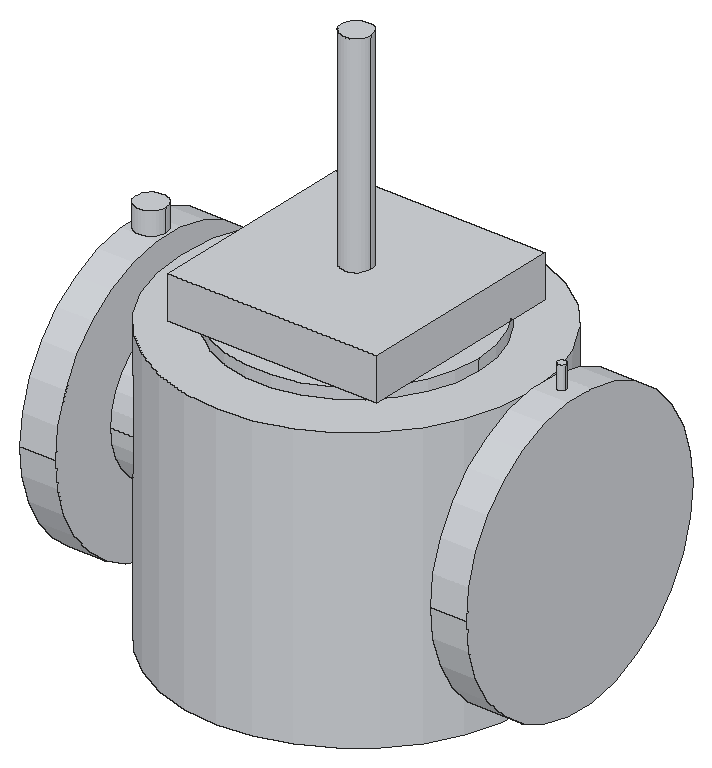
Revit family "OPTIMA_Compact_FLANGE_PN25_DN200-HF_RFA_2019", category Pipe Accessories, Revit 2019
Family settings
  Round Connector Dimension = Use Diameter
  Part Type = Valve - Breaks Into
  Work Plane-Based = No
  Always vertical = Yes
  Cut with Voids When Loaded = No
  Shared = No
Parameters (values of type "Optima Compact Flange PN25 DN200 HF")
  magiProductId = ""
  magiProductFamilyId = ""
  magiPartTypeId = 304
  isMeasuringValve [instance] = no
  ang2D [instance] = 0.00°
  W2D = 100 mm
  VersionID = "2.0/2018.8.28.1/FRESE_OPTIMA_FLANGE_Q13_002"
  Use Minimum Symbol Size [instance] = yes
  URL = "www.hydronic.cz"
  Type Comments = "Přírubový; PN25; 0~110°C, s měřením"
  R4 = 164.5 mm
  R3 = 98.8 mm
  R1 = 235 mm
  QmdConnectorList = "301;D;302;D"
  Productdata [instance] = ""
  Manufacturer = "Hydronic Systems Prague s.r.o."
  MC Product Code = "53-1236 (DN200 HF; 43mm; pohon min 1500N; Qmin-dpmin 130000l/h-31.0kPa; Qmax-dpmin 280000l/h-78.0kPa; dpmax 800kPa)"
  MC Piping Given Pressure Drop [instance] = 0.0 Pa
  LF__ve = -LF  # -48 mm
  LF2 = 24 mm
  LF = 48 mm
  L4 = 282 mm
  L3 = 504 mm
  L2D_Min = 3048 mm
  L2D = 350 mm
  L2 = 300 mm
  H6 = 281 mm
  H4 = 57 mm
  H3 = 15 mm
  H2 = 209 mm
  H1 = 380 mm
  Description = "Tlakově nezávislý 2-cestný regulační vyvažovací ventil (PICV)"
  DF2 = 190 mm
  D = 200 mm
  CAT0 = yes
Types (14, lengths in mm): name | magiProductId | magiProductFamilyId | W2D | Type Comments | R4 | R3 | R1 | MC Product Code | LF__ve | LF2 | LF | L4 | L3 | L2D | L2 | H6 | H4 | H3 | H2 | H1 | DF2 | D
  Optima Compact Flange PN25 DN050 LF | "Frese Optima Flange DN050 LF" | "Frese Optima Flange *" | 50 | "Přírubový; PN25; 0~120°C, s měřením" | 40.3 | 42.9 | 57.5 | "53-1220 (DN50 LF; 20mm; pohon min 1000N; Qmin-dpmin 2500l/h-6.5kPa; Qmax-dpmin 15000l/h-20.0kPa; dpmax 800kPa)" | -18.4 | 9.2 | 18.4 | 108.1 | 193.2 | 230 | 115 | 157.3 | 24.8 | 20.6 | 61.9 | 123.8 | 82.5 | 50
  Optima Compact Flange PN25 DN050 HF | "Frese Optima Flange DN050 HF" | "Frese Optima Flange *" | 50 | "Přírubový; PN25; 0~120°C, s měřením" | 40.25 | 42.9 | 57.5 | "53-1230 (DN50 HF; 20mm; pohon min 1000N; Qmin-dpmin 3900l/h-19.0kPa; Qmax-dpmin 24000l/h-50.0kPa; dpmax 800kPa)" | -18.4 | 9.2 | 18.4 | 108.1 | 193.2 | 230 | 115 | 157.25 | 24.75 | 20.625 | 61.875 | 123.75 | 82.5 | 50
  Optima Compact Flange PN25 DN065 LF | "Frese Optima Flange DN065 LF" | "Frese Optima Flange *" | 50 | "Přírubový; PN25; 0~120°C, s měřením" | 50.75 | 48.1 | 72.5 | "53-1221 (DN65 LF; 20mm; pohon min 1000N; Qmin-dpmin 4400l/h-15.0kPa; Qmax-dpmin 25000l/h-25.0kPa; dpmax 800kPa)" | -23.2 | 11.6 | 23.2 | 136.3 | 243.6 | 230 | 145 | 171.25 | 27.75 | 23.125 | 69.375 | 138.75 | 92.5 | 65
  Optima Compact Flange PN25 DN065 HF | "Frese Optima Flange DN065 HF" | "Frese Optima Flange *" | 50 | "Přírubový; PN25; 0~120°C, s měřením" | 50.75 | 48.1 | 72.5 | "53-1231 (DN65 HF; 20mm; pohon min 1000N; Qmin-dpmin 6000l/h-30.0kPa; Qmax-dpmin 35000l/h-55.0kPa; dpmax 800kPa)" | -23.2 | 11.6 | 23.2 | 136.3 | 243.6 | 230 | 145 | 171.25 | 27.75 | 23.125 | 69.375 | 138.75 | 92.5 | 65
  Optima Compact Flange PN25 DN080 LF | "Frese Optima Flange DN080 LF" | "Frese Optima Flange *" | 50 | "Přírubový; PN25; 0~120°C, s měřením" | 54.25 | 52 | 77.5 | "53-1222 (DN80 LF; 20mm; pohon min 1000N; Qmin-dpmin 5300l/h-16.0kPa; Qmax-dpmin 34000l/h-25.0kPa; dpmax 800kPa)" | -24.8 | 12.4 | 24.8 | 145.7 | 260.4 | 230 | 155 | 183 | 30 | 25 | 75 | 150 | 100 | 80
  Optima Compact Flange PN25 DN080 HF | "Frese Optima Flange DN080 HF" | "Frese Optima Flange *" | 50 | "Přírubový; PN25; 0~120°C, s měřením" | 54.25 | 52 | 77.5 | "53-1232 (DN80 HF; 20mm; pohon min 1000N; Qmin-dpmin 7000l/h-23.0kPa; Qmax-dpmin 43000l/h-50.0kPa; dpmax 800kPa)" | -24.8 | 12.4 | 24.8 | 145.7 | 260.4 | 230 | 155 | 183 | 30 | 25 | 75 | 150 | 100 | 80
  Optima Compact Flange PN25 DN100 LF | "Frese Optima Flange DN100 LF" | "Frese Optima Flange *" | 50 | "Přírubový; PN25; 0~120°C, s měřením" | 61.25 | 61.1 | 87.5 | "53-1223 (DN100 LF; 40mm; pohon min 1000N; Qmin-dpmin 12100l/h-20.0kPa; Qmax-dpmin 68000l/h-35.0kPa; dpmax 800kPa)" | -28 | 14 | 28 | 164.5 | 294 | 230 | 175 | 268.75 | 35.25 | 29.375 | 88.125 | 176.25 | 117.5 | 100
  Optima Compact Flange PN25 DN100 HF | "Frese Optima Flange DN100 HF" | "Frese Optima Flange *" | 50 | "Přírubový; PN25; 0~120°C, s měřením" | 61.25 | 61.1 | 87.5 | "53-1233 (DN100 HF; 40mm; pohon min 1000N; Qmin-dpmin 14800l/h-30.0kPa; Qmax-dpmin 90000l/h-75.0kPa; dpmax 800kPa)" | -28 | 14 | 28 | 164.5 | 294 | 230 | 175 | 268.75 | 35.25 | 29.375 | 88.125 | 176.25 | 117.5 | 100
  Optima Compact Flange PN25 DN125 LF | "Frese Optima Flange DN125 LF" | "Frese Optima Flange *" | 50 | "Přírubový; PN25; 0~120°C, s měřením" | 70 | 70.2 | 100 | "53-1224 (DN125 LF; 40mm; pohon min 1000N; Qmin-dpmin 18500l/h-16.0kPa; Qmax-dpmin 110000l/h-35.0kPa; dpmax 800kPa)" | -32 | 16 | 32 | 188 | 336 | 230 | 200 | 275.5 | 40.5 | 33.75 | 101.25 | 202.5 | 135 | 125
  Optima Compact Flange PN25 DN125 HF | "Frese Optima Flange DN125 HF" | "Frese Optima Flange *" | 50 | "Přírubový; PN25; 0~120°C, s měřením" | 70 | 70.2 | 100 | "53-1234 (DN125 HF; 40mm; pohon min 1000N; Qmin-dpmin 23000l/h-27.0kPa; Qmax-dpmin 135000l/h-53.0kPa; dpmax 800kPa)" | -32 | 16 | 32 | 188 | 336 | 230 | 200 | 275.5 | 40.5 | 33.75 | 101.25 | 202.5 | 135 | 125
  Optima Compact Flange PN25 DN150 LF | "Frese Optima Flange DN150 LF" | "Frese Optima Flange *" | 50 | "Přírubový; PN25; 0~110°C, s měřením" | 84 | 74.1 | 120 | "53-1225 (DN150 LF; 43mm; pohon min 1500N; Qmin-dpmin 25600l/h-21.0kPa; Qmax-dpmin 148000l/h-35.0kPa; dpmax 800kPa)" | -38.4 | 19.2 | 38.4 | 225.6 | 403.2 | 230 | 240 | 279.25 | 42.75 | 35.625 | 106.875 | 213.75 | 142.5 | 150
  Optima Compact Flange PN25 DN150 HF | "Frese Optima Flange DN150 HF" | "Frese Optima Flange *" | 50 | "Přírubový; PN25; 0~110°C, s měřením" | 84 | 74.1 | 120 | "53-1235 (DN150 HF; 43mm; pohon min 1500N; Qmin-dpmin 32000l/h-33.0kPa; Qmax-dpmin 195000l/h-65.0kPa; dpmax 800kPa)" | -38.4 | 19.2 | 38.4 | 225.6 | 403.2 | 230 | 240 | 279.25 | 42.75 | 35.625 | 106.875 | 213.75 | 142.5 | 150
  Optima Compact Flange PN25 DN200 LF | "" | "" | 100 | "Přírubový; PN25; 0~110°C, s měřením" | 164.5 | 98.8 | 235 | "53-1226 (DN200 LF; 43mm; pohon min 1500N; Qmin-dpmin 95000l/h-11.0kPa; Qmax-dpmin 210000l/h-32.0kPa; dpmax 800kPa)" | -48 | 24 | 48 | 282 | 504 | 350 | 300 | 281 | 57 | 15 | 209 | 380 | 190 | 200
  Optima Compact Flange PN25 DN200 HF | "" | "" | 100 | "Přírubový; PN25; 0~110°C, s měřením" | 164.5 | 98.8 | 235 | "53-1236 (DN200 HF; 43mm; pohon min 1500N; Qmin-dpmin 130000l/h-31.0kPa; Qmax-dpmin 280000l/h-78.0kPa; dpmax 800kPa)" | -48 | 24 | 48 | 282 | 504 | 350 | 300 | 281 | 57 | 15 | 209 | 380 | 190 | 200
Reference planes
  plane 1 "Center (Front/Back)": y = 0
  plane 2 "XYPLANE": z = 0
  plane 3 "Center (Left/Right)": x = 0
  plane 4 "157": x = 276
  plane 5 "156": x = -276
  plane 6 "155": z = 190
  plane 7 "154": z = 243
  plane 8 "153": z = 186
  plane 9 "152": z = 171
  plane 10 "151": x = -252
  plane 11 "150": z = -209
  plane 12 "149": x = 0
  plane 13 "148": y = 0
  plane 14 "147": z = 0
  plane 15 "146": x = -300
  plane 16 "145": x = 300
Forms (mm)
  Extrusion 1, solid, visible <- "CAT0"
    sketch origin (-750, 0, 190) x (1, 0, 0) y (0, 1, 0)
      loop
        circle (1026, 0) r 5.5
    from 0 to 30
  Extrusion 2, solid, visible <- "CAT0"
    sketch origin (-750, 0, 190) x (1, 0, 0) y (0, 1, 0)
      loop
        circle (474, 0) r 20.3
    from 0 to 30
  Extrusion 3, solid, visible <- "CAT0"
    sketch origin (-750, 0, 243) x (1, 0, 0) y (0, 1, 0)
      loop
        circle (750, 0) r 20
    from 0 to 281 <- "H6"
  Extrusion 4, solid, visible <- "CAT0"
    sketch origin (-750, 0, 186) x (1, 0, 0) y (0, 1, 0)
      loop
        line (891, 141) -> (609, 141) -> (609, -141) -> (891, -141) -> (891, 141)
    from 0 to 57 <- "H4"
  Extrusion 5, solid, visible <- "CAT0"
    sketch origin (-750, 0, 171) x (1, 0, 0) y (0, 1, 0)
      loop
        circle (750, 0) r 164.5
    from 0 to 15 <- "H3"
  Extrusion 6, solid, visible <- "CAT0"
    sketch origin (-252, -750, 0) x (0, 1, 0) y (0, 0, 1)
      loop
        circle (750, 0) r 98.8
    from 0 to 504 <- "L3"
  Extrusion 7, solid, visible <- "CAT0"
    sketch origin (-750, 0, -209) x (1, 0, 0) y (0, 1, 0)
      loop
        circle (750, 0) r 235
    from 0 to 380 <- "H1"
  Extrusion 8, solid, visible <- "CAT0"
    sketch origin (-300, -750, 0) x (0, 1, 0) y (0, 0, 1)
      loop
        circle (750, 0) r 190
    from 0 to 48 <- "LF"
  Extrusion 9, solid, visible <- "CAT0"
    sketch origin (300, -750, 0) x (0, 1, 0) y (0, 0, 1)
      loop
        circle (750, 0) r 190
    from 0 to -48 <- "LF__ve"
  Extrusion 10, solid, not visible
    sketch origin (-300, -750, 0) x (0, 1, 0) y (0, 0, 1)
      loop
        circle (750, 0) r 10
    from 0 to 10
  Extrusion 11, solid, not visible
    sketch origin (300, -750, 0) x (0, 1, 0) y (0, 0, 1)
      loop
        circle (750, 0) r 10
    from 0 to -10
Lines and regions (mm)
  reference lines, not visible
    curve 1: circle (2, 2, 0) r 1 normal (0, 0, 1)
  reference lines
    curve 2: circle (0, 0, 186) r 1 normal (0, 0, 1)
Dimensions and locks
  plane 1 "Center (Front/Back)" to curve 1 = 2 mm
  "LF2": plane 16 "145" to plane 4 "157"
  "LF2": plane 15 "146" to plane 5 "156"
  "DF2": plane 2 "XYPLANE" to plane 6 "155"
  "H4": plane 8 "153" to plane 7 "154"
  "H3": plane 9 "152" to plane 8 "153"
  "H1": plane 11 "150" to plane 9 "152"
  "LF": plane 15 "146" to plane 10 "151"
  "H2": plane 2 "XYPLANE" to plane 11 "150"
  locked: plane 3 "Center (Left/Right)" to plane 12 "149"
  locked: plane 1 "Center (Front/Back)" to plane 13 "148"
  locked: plane 2 "XYPLANE" to plane 14 "147"
  "L2": plane 3 "Center (Left/Right)" to plane 15 "146"
  "L2": plane 3 "Center (Left/Right)" to plane 16 "145"
  equal spacing: Extrusion 4 sketch curve, curve 2, Extrusion 4 sketch curve  (x2)
  "L4": Extrusion 4 sketch curve to Extrusion 4 sketch curve  (x2)
  Extrusion 4 sketch curve to Extrusion 4 sketch curve = 0 mm  (x8)
  "R4": radius of Extrusion 5 sketch curve
  "R3": radius of Extrusion 6 sketch curve
  "R1": radius of Extrusion 7 sketch curve
  "DF2": radius of Extrusion 8 sketch curve
  "DF2": radius of Extrusion 9 sketch curve
  aligned and locked: level to plane 2 "XYPLANE"
  aligned and locked: plane 4 "157" to Extrusion 1 sketch curve
  aligned and locked: plane 13 "148" to Extrusion 1 sketch curve
  aligned and locked: plane 5 "156" to Extrusion 2 sketch curve
  aligned and locked: plane 13 "148" to Extrusion 2 sketch curve
  aligned and locked: plane 12 "149" to Extrusion 3 sketch curve
  aligned and locked: plane 13 "148" to Extrusion 3 sketch curve
  aligned and locked: plane 12 "149" to curve 2
  aligned and locked: plane 13 "148" to curve 2
  aligned and locked: plane 12 "149" to Extrusion 5 sketch curve
  aligned and locked: plane 13 "148" to Extrusion 5 sketch curve
  aligned and locked: Extrusion 6 sketch curve to plane 13 "148"
  aligned and locked: plane 14 "147" to Extrusion 6 sketch curve
  aligned and locked: plane 12 "149" to Extrusion 7 sketch curve
  aligned and locked: plane 13 "148" to Extrusion 7 sketch curve
  aligned and locked: Extrusion 8 sketch curve to plane 13 "148"
  aligned and locked: plane 14 "147" to Extrusion 8 sketch curve
  aligned and locked: Extrusion 9 sketch curve to plane 13 "148"
  aligned and locked: plane 14 "147" to Extrusion 9 sketch curve
  aligned and locked: Extrusion 10 sketch curve to plane 13 "148"
  aligned and locked: plane 14 "147" to Extrusion 10 sketch curve
  aligned and locked: Extrusion 11 sketch curve to plane 13 "148"
  aligned and locked: plane 14 "147" to Extrusion 11 sketch curve
Automatic sketch dimensions
  Extrusion 1 sketch curve to plane 4 "157" = 5.5 mm
  plane 15 "146" to Extrusion 2 sketch curve = 3.7 mm
  Extrusion 3 sketch curve to plane 3 "Center (Left/Right)" = 20 mm
  plane 1 "Center (Front/Back)" to Extrusion 10 sketch curve = 10 mm
  plane 1 "Center (Front/Back)" to Extrusion 11 sketch curve = 10 mm
  plane 3 "Center (Left/Right)" to curve 1 = 2 mm
  plane 10 "151" to Extrusion 4 sketch curve = 111 mm
  plane 1 "Center (Front/Back)" to Extrusion 4 sketch curve = 141 mm
  radius of curve 2 = 1 mm
  radius of curve 1 = 1 mm
Connectors
  piping at (-300, 0, 0), diameter 200, driven by "D"
    settings: on Extrusion 10, index 1, connector inside diameter 609.6 mm, connector length 0 mm, flow factor 0, pipe flow 0.0 L/s, pressure drop 0.0 Pa, fitting loss kfactor 0, connector angle 0.00°, fixture units 0, engagement length 0 mm, angle of deflection 0.00°, flow configuration 0, flow direction 0, fitting loss method 0, system type 29, joint type 0, gender type 0, connector reference index 2, connector utility 0, adjustable connector no, is connector primary yes, connector description ""
  piping at (300, 0, 0), diameter 200, driven by "D"
    settings: on Extrusion 11, index 2, connector inside diameter 609.6 mm, connector length 0 mm, flow factor 0, pipe flow 0.0 L/s, pressure drop 0.0 Pa, fitting loss kfactor 0, connector angle 0.00°, fixture units 0, engagement length 0 mm, angle of deflection 0.00°, flow configuration 0, flow direction 0, fitting loss method 0, system type 29, joint type 0, gender type 0, connector reference index 1, connector utility 0, adjustable connector no, is connector primary no, connector description ""
